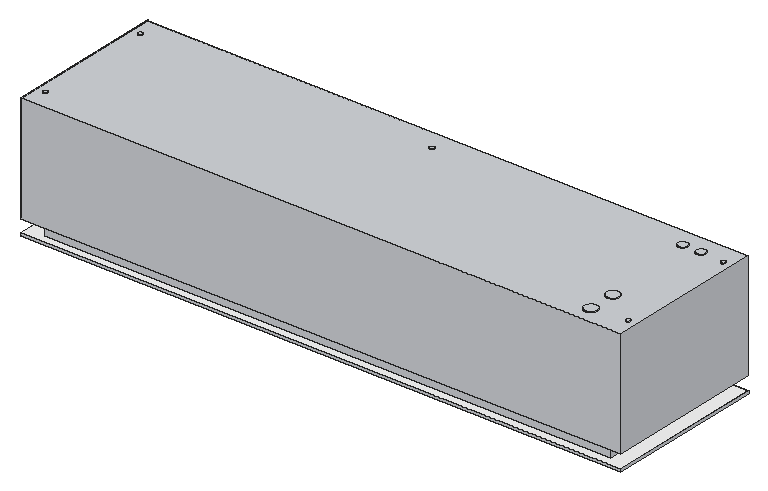
Revit family "PHV1500R P2", category Mechanical Equipment, host Ceiling, Revit 2015
Parameters (values of type "PHV1500WR P2 82/71")
  width WH = 121 mm
  width 2 WH = 76 mm
  width = 436 mm
  length = 1650 mm
  fixing top = 25 mm
  fixing bottom = 55 mm
  fixing = 12 mm
  edge flange 2 = 23 mm
  edge flange 1 = 47.5 mm
  edge 2 = 50 mm
  drop = 14 mm
  cut width = 48.2 mm
  cut out edge = 35.28 mm
  cut length = 24.2 mm
  center y = width / 2  # 218 mm
  center x = length / 2  # 825 mm
  Width b hole to edge = 46 mm
  Weight = "73"
  W H = 35 mm
  URL = "www.thermoscreens.com"
  Supply (50hz) = "230V~1P&N"
  Product URL = ""
  Noise level dB (A) @3m Med = "57"
  Noise level dB (A) @3m Low = "53"
  Noise level dB (A) @3m High = "60"
  Model = "PHV1500WR P2 82/71"
  Max. Velocity (m/s) = "10.5"
  Max Air Volume (m3/H) = "3500"
  Manufacturer = "Thermoscreens"
  Loading (A) per phase = "1.8"
  Heat output (kW) = "18"
  E edge 2 = 50 mm
  E H gap = 50 mm
  E 1 to edge = 90 mm
  Description = "Thermoscreens PHV recessed range air curtains offer a wide range of heating and mounting options and provide climate separation for entrances up to 3.75m in height. The air curtains are suitable for applications such as hotels, airports, and commercial buildings. The  air curtains are available in standard widths of 1, 1.5 and 2m.  Models available are ambient (without heating), electrical or water heated versions. \r\n\r\nWater heated (LPHW) versions are available with 2 row coils for water inlet temperatures of 70°C or above. In addition, recessed units are also available with 3 row coils for lower water temperatures. Motorised three port valves are supplied as standard with all LPHW models.\r\n\r\nElectrical and LPHW models are supplied complete with Ecopower control."
  Created by = "Daniel Smith"
  Boundary box width = 500 mm
  Boundary box = no
  B = 800 mm
  Air flow = no
Types (4, lengths in mm): name | Weight | Supply (50hz) | Model | Max. Velocity (m/s) | Max Air Volume (m3/H) | Loading (A) per phase | Heat output (kW)
  PHV1500AR P2 | "47" | "230V~1P&N" | "PHV1500AR P2" | "11.5" | "3840" | "1.8" | "-"
  PHV1500ER P2 | "71" | "400V~3P&N" | "PHV1500ER P2" | "11.5" | "3840" | "27.9" | "9/18"
  PHV1500WR P2 82/71 | "73" | "230V~1P&N" | "PHV1500WR P2 82/71" | "10.5" | "3500" | "1.8" | "18"
  PHV1500WR P2 60/40 | "73" | "230V~1P&N" | "PHV1500WR P2 60/40" | "10" | "3500" | "1.8" | "18"
Reference planes
  plane 1 "Center (Front/Back)": y = 0
  plane 2: z = 0
  plane 3 "Center (Left/Right)": x = 0
  plane 4 "Ceiling": z = 0
  plane 5: y = 218
  plane 6: y = -218
  plane 7: x = -825
  plane 8: x = 825
  plane 9: x = -777.5
  plane 10: x = 777.5
  plane 11: y = -195
  plane 12: y = 195
  plane 13: z = -14
Forms (mm)
  Extrusion 1, solid
    sketch origin (0, 0, -7) x (0, 1, 0) y (-1, 0, 0)
      loop
        line (218, 825) -> (-218, 825) -> (-218, -825) -> (218, -825) -> (218, 825)
    from 0 to 7
  Extrusion 2, solid
    sketch origin (0, 0, 0) x (0, 1, 0) y (-1, 0, 0)
      loop
        line (195, 777.5) -> (-195, 777.5) -> (-195, -777.5) -> (195, -777.5) -> (195, 777.5)
    from 0 to 36
  Extrusion 3, solid
    sketch origin (0, 0, 36) x (0, 1, 0) y (-1, 0, 0)
      loop
        line (218, 825) -> (-218, 825) -> (-218, -825) -> (218, -825) -> (218, 825)
    from 0 to 1.2
  Extrusion 4, solid
    sketch origin (825, -218, 36) x (-1, 0, 0) y (0, 0, -1)
      loop
        line (1650, 0) -> (0, 0) -> (0, -296) -> (1650, -296) -> (1650, 0)
    from 0 to -1.2
  Extrusion 5, solid
    sketch origin (825, -218, 332) x (0, 0, -1) y (0, 1, 0)
      loop
        line (0, 0) -> (296, 0) -> (296, 436) -> (0, 436) -> (0, 0)
    from 0 to -1.2
  Extrusion 6, solid
    sketch origin (825, 218, 332) x (0, 0, -1) y (-1, 0, 0)
      loop
        line (0, 0) -> (296, 0) -> (296, 1650) -> (0, 1650) -> (0, 0)
    from 0 to -1.2
  Extrusion 7, solid
    sketch origin (-825, -218, 36) x (0, 1, 0) y (0, 0, -1)
      loop
        line (436, 0) -> (0, 0) -> (0, -296) -> (436, -296) -> (436, 0)
    from 0 to -1.2
  Extrusion 8, solid
    sketch origin (-825, -218, 332) x (1, 0, 0) y (0, 1, 0)
      loop
        line (0, 0) -> (1650, 0) -> (1650, 436) -> (0, 436) -> (0, 0)
    from 0 to -1.2
  Extrusion 9, solid
    sketch origin (-825, -218, 332) x (1, 0, 0) y (0, 1, 0)
      loop
        circle (1529, 46) r 17.5
      loop
        circle (1529, 122) r 17.5
    from 0 to -1.2
  Extrusion 10, solid
    sketch origin (-825, -218, 332) x (1, 0, 0) y (0, 1, 0)
      loop
        circle (1560, 386) r 12.5
      loop
        circle (1510, 386) r 12.5
    from 0 to -1.2
  Extrusion 11, solid
    sketch origin (-825, -218, 332) x (1, 0, 0) y (0, 1, 0)
      loop
        circle (1625, 381) r 6
      loop
        circle (1625, 55) r 6
      loop
        circle (25, 381) r 6
      loop
        circle (25, 55) r 6
      loop
        circle (825, 381) r 6
    from 0 to -1.2
  Extrusion 12, void
    sketch origin (0, 0, -7) x (0, 1, 0) y (-1, 0, 0)
      loop
        line (-176.8, -790) -> (-151.8, -790) -> (-151.8, 790) -> (-176.8, 790) -> (-176.8, -790)
      loop
        line (-141.8, -790) -> (-116.8, -790) -> (-116.8, 790) -> (-141.8, 790) -> (-141.8, -790)
      loop
        line (-106.8, -790) -> (-81.8, -790) -> (-81.8, 790) -> (-106.8, 790) -> (-106.8, -790)
      loop
        line (-61.8, 790) -> (-61.8, -790) -> (-56.8, -790) -> (-56.8, 790) -> (-61.8, 790)
      loop
        line (-51.8, 790) -> (-51.8, -790) -> (-46.8, -790) -> (-46.8, 790) -> (-51.8, 790)
      loop
        line (-41.8, 790) -> (-41.8, -790) -> (-36.8, -790) -> (-36.8, 790) -> (-41.8, 790)
      loop
        line (-31.8, 790) -> (-31.8, -790) -> (-26.8, -790) -> (-26.8, 790) -> (-31.8, 790)
      loop
        line (-21.8, 790) -> (-21.8, -790) -> (-16.8, -790) -> (-16.8, 790) -> (-21.8, 790)
      loop
        line (-11.8, 790) -> (-11.8, -790) -> (-6.8, -790) -> (-6.8, 790) -> (-11.8, 790)
      loop
        line (-1.8, 790) -> (-1.8, -790) -> (3.2, -790) -> (3.2, 790) -> (-1.8, 790)
      loop
        line (8.2, 790) -> (8.2, -790) -> (13.2, -790) -> (13.2, 790) -> (8.2, 790)
      loop
        line (18.2, 790) -> (18.2, -790) -> (23.2, -790) -> (23.2, 790) -> (18.2, 790)
      loop
        line (28.2, 790) -> (28.2, -790) -> (33.2, -790) -> (33.2, 790) -> (28.2, 790)
      loop
        line (38.2, 790) -> (38.2, -790) -> (43.2, -790) -> (43.2, 790) -> (38.2, 790)
      loop
        line (48.2, 790) -> (48.2, -790) -> (53.2, -790) -> (53.2, 790) -> (48.2, 790)
      loop
        line (58.2, 790) -> (58.2, -790) -> (63.2, -790) -> (63.2, 790) -> (58.2, 790)
      loop
        line (68.2, 790) -> (68.2, -790) -> (73.2, -790) -> (73.2, 790) -> (68.2, 790)
      loop
        line (78.2, 790) -> (78.2, -790) -> (83.2, -790) -> (83.2, 790) -> (78.2, 790)
      loop
        line (88.2, 790) -> (88.2, -790) -> (93.2, -790) -> (93.2, 790) -> (88.2, 790)
      loop
        line (98.2, 790) -> (98.2, -790) -> (103.2, -790) -> (103.2, 790) -> (98.2, 790)
      loop
        line (108.2, 790) -> (108.2, -790) -> (113.2, -790) -> (113.2, 790) -> (108.2, 790)
      loop
        line (118.2, 790) -> (118.2, -790) -> (123.2, -790) -> (123.2, 790) -> (118.2, 790)
      loop
        line (128.2, 790) -> (128.2, -790) -> (133.2, -790) -> (133.2, 790) -> (128.2, 790)
      loop
        line (138.2, 790) -> (138.2, -790) -> (143.2, -790) -> (143.2, 790) -> (138.2, 790)
      loop
        line (148.2, 790) -> (148.2, -790) -> (153.2, -790) -> (153.2, 790) -> (148.2, 790)
      loop
        line (158.2, 790) -> (158.2, -790) -> (163.2, -790) -> (163.2, 790) -> (158.2, 790)
      loop
        line (168.2, 790) -> (168.2, -790) -> (173.2, -790) -> (173.2, 790) -> (168.2, 790)
    from 0 to 5
  Extrusion 13, solid, material "Default", visible <- "Boundary box", detail levels fine
    sketch origin (-825, -218, 332) x (1, 0, 0) y (0, 1, 0)
      loop
        line (-500, 936) -> (-500, 0) -> (1.2, 0) -> (1.2, 436) -> (1650, 436) -> (1650, 0) -> (2150, 0) -> (2150, 936) -> (-500, 936)
    from 0 to -339
  Extrusion 14, solid, material "Default Roof"
    sketch origin (0, 0, -7) x (-1, 0, 0) y (0, 1, 0)
      loop
        line (823.8, -218) -> (823.8, 218) -> (-823.8, 218) -> (-823.8, -218) -> (823.8, -218)
    from -7 to -1.2
  Extrusion 15, solid, material "Default", visible <- "Air flow", detail levels fine
    sketch origin (0, 0, -7) x (-1, 0, 0) y (0, 1, 0)
      loop
        line (825, 218) -> (-823.8, 218) -> (-823.8, -218) -> (825, -218) -> (825, 218)
    from 0 to 3000
Cuts and joins
  Extrusion 12 cuts Extrusion 1
  joined: Extrusion 3, Extrusion 4, Extrusion 5, Extrusion 6, Extrusion 7, Extrusion 8
Dimensions and locks
  equal spacing: host sketch curve, plane 3 "Center (Left/Right)", host sketch curve
  equal spacing: host sketch curve, plane 1 "Center (Front/Back)", host sketch curve
  host sketch curve to host sketch curve = 4000 mm  (x2)
  locked: plane 4 "Ceiling" to host ceiling at 0
  "length": plane 7 to plane 8
  "width": plane 5 to plane 6
  "center y": plane 5 to plane 1 "Center (Front/Back)"
  "center x": plane 3 "Center (Left/Right)" to plane 8
  "edge flange 1": plane 7 to plane 9
  "edge flange 1": plane 10 to plane 8
  "edge flange 2": plane 6 to plane 11
  "edge flange 2": plane 5 to plane 12
  "Width b hole to edge": Extrusion 8 to Extrusion 9 sketch curve
  "width 2 WH": Extrusion 9 sketch curve to Extrusion 9 sketch curve
  "width WH": Extrusion 9 sketch curve to Extrusion 8  (x2)
  "E H gap": Extrusion 10 sketch curve to Extrusion 10 sketch curve
  "E 1 to edge": Extrusion 10 sketch curve to Extrusion 8
  "E edge 2": Extrusion 8 to Extrusion 10 sketch curve  (x2)
  "fixing top": Extrusion 11 sketch curve to Extrusion 8  (x2)
  "fixing bottom": Extrusion 8 to Extrusion 11 sketch curve  (x5)
  "fixing top": Extrusion 8 to Extrusion 11 sketch curve  (x2)
  "B": Extrusion 11 sketch curve to Extrusion 11 sketch curve
  "drop": level to plane 13
  "Boundary box width": Extrusion 13 sketch curve to Extrusion 8  (x2)
  "Boundary box width": Extrusion 8 to Extrusion 13 sketch curve
  "W H": diameter of Extrusion 9 sketch curve  (x2)
  "fixing": diameter of Extrusion 11 sketch curve  (x5)
  aligned and locked: Extrusion 15 to cut or joined group of Extrusion 1, Extrusion 12
Automatic sketch dimensions
  Extrusion 1 sketch curve to plane 6 = 0 mm
  Extrusion 1 sketch curve to plane 5 = 0 mm
  Extrusion 1 sketch curve to plane 8 = 0 mm
  Extrusion 1 sketch curve to plane 7 = 0 mm
  Extrusion 2 sketch curve to Extrusion 1 = 23 mm  (x2)
  Extrusion 2 sketch curve to Extrusion 1 = 47.5 mm  (x2)
  Extrusion 2 to Extrusion 3 sketch curve = 23 mm  (x2)
  Extrusion 2 to Extrusion 3 sketch curve = 47.5 mm  (x2)
  Extrusion 4 sketch curve to Extrusion 3 = 0 mm  (x3)
  Extrusion 4 sketch curve to Extrusion 3 = 294.8 mm
  Extrusion 4 to Extrusion 5 sketch curve = 0 mm  (x2)
  Extrusion 5 sketch curve to Extrusion 4 = 0 mm
  Extrusion 5 sketch curve to Extrusion 4 = 434.8 mm
  Extrusion 6 sketch curve to Extrusion 5 = 0 mm  (x3)
  Extrusion 6 sketch curve to Extrusion 5 = 1648.8 mm
  Extrusion 7 sketch curve to Extrusion 3 = 0 mm  (x3)
  Extrusion 7 sketch curve to Extrusion 3 = 294.8 mm
  Extrusion 8 sketch curve to Extrusion 4 = 0 mm  (x3)
  Extrusion 8 sketch curve to Extrusion 4 = 434.8 mm
  Extrusion 12 sketch curve to Extrusion 12 sketch curve = 5 mm  (x47)
  Extrusion 12 sketch curve to Extrusion 12 sketch curve = 20 mm
  Extrusion 12 sketch curve to Extrusion 12 sketch curve = 25 mm  (x3)
  Extrusion 12 sketch curve to Extrusion 12 sketch curve = 10 mm  (x2)
  Extrusion 1 to Extrusion 12 sketch curve = 35 mm  (x4)
  Extrusion 12 sketch curve to Extrusion 12 sketch curve = 0 mm  (x50)
  Extrusion 1 to Extrusion 12 sketch curve = 41.2 mm
  Extrusion 14 sketch curve to Extrusion 1 = 0 mm
  Extrusion 1 to Extrusion 14 sketch curve = 0 mm
  Extrusion 1 to Extrusion 14 sketch curve = 1.2 mm  (x2)
  Extrusion 1 to Extrusion 15 sketch curve = 0 mm
  Extrusion 15 sketch curve to Extrusion 1 = 0 mm  (x2)
  Extrusion 1 to Extrusion 15 sketch curve = 1.2 mm
  Extrusion 13 sketch curve to Extrusion 8 = 0 mm  (x2)
  Extrusion 8 to Extrusion 13 sketch curve = 0 mm  (x2)
  Extrusion 13 sketch curve to Extrusion 8 = 1.2 mm
  radius of Extrusion 10 sketch curve = 12.5 mm  (x2)
Connectors
  piping at (-800, 163, 332), diameter 12
    settings: on Extrusion 11, index 1, connector inside diameter 609.6 mm, connector length 0 mm, flow factor 0, pipe flow 0.0 L/s, pressure drop 0.0 Pa, fitting loss kfactor 0, connector angle 0.00°, fixture units 0, engagement length 0 mm, angle of deflection 0.00°, flow configuration 0, flow direction 0, fitting loss method 0, system type 28, joint type 0, gender type 0, connector reference index -1, connector utility 0, adjustable connector no, is connector primary yes, connector description ""
  piping at (-800, -163, 332), diameter 12
    settings: on Extrusion 11, index 2, connector inside diameter 609.6 mm, connector length 0 mm, flow factor 0, pipe flow 0.0 L/s, pressure drop 0.0 Pa, fitting loss kfactor 0, connector angle 0.00°, fixture units 0, engagement length 0 mm, angle of deflection 0.00°, flow configuration 0, flow direction 0, fitting loss method 0, system type 28, joint type 0, gender type 0, connector reference index -1, connector utility 0, adjustable connector no, is connector primary no, connector description ""
  piping at (0, 163, 332), diameter 12
    settings: on Extrusion 11, index 3, connector inside diameter 609.6 mm, connector length 0 mm, flow factor 0, pipe flow 0.0 L/s, pressure drop 0.0 Pa, fitting loss kfactor 0, connector angle 0.00°, fixture units 0, engagement length 0 mm, angle of deflection 0.00°, flow configuration 0, flow direction 0, fitting loss method 0, system type 28, joint type 0, gender type 0, connector reference index -1, connector utility 0, adjustable connector no, is connector primary no, connector description ""
  piping at (800, 163, 332), diameter 12
    settings: on Extrusion 11, index 4, connector inside diameter 609.6 mm, connector length 0 mm, flow factor 0, pipe flow 0.0 L/s, pressure drop 0.0 Pa, fitting loss kfactor 0, connector angle 0.00°, fixture units 0, engagement length 0 mm, angle of deflection 0.00°, flow configuration 0, flow direction 0, fitting loss method 0, system type 28, joint type 0, gender type 0, connector reference index -1, connector utility 0, adjustable connector no, is connector primary no, connector description ""
  piping at (800, -163, 332), diameter 12
    settings: on Extrusion 11, index 5, connector inside diameter 609.6 mm, connector length 0 mm, flow factor 0, pipe flow 0.0 L/s, pressure drop 0.0 Pa, fitting loss kfactor 0, connector angle 0.00°, fixture units 0, engagement length 0 mm, angle of deflection 0.00°, flow configuration 0, flow direction 0, fitting loss method 0, system type 28, joint type 0, gender type 0, connector reference index -1, connector utility 0, adjustable connector no, is connector primary no, connector description ""
  piping at (704, -96, 332), diameter 35
    settings: on Extrusion 9, index 6, connector inside diameter 609.6 mm, connector length 0 mm, flow factor 0, pipe flow 0.0 L/s, pressure drop 0.0 Pa, fitting loss kfactor 0, connector angle 0.00°, fixture units 0, engagement length 0 mm, angle of deflection 0.00°, flow configuration 0, flow direction 1, fitting loss method 4, system type 19, joint type 0, gender type 0, connector reference index -1, connector utility 0, adjustable connector no, is connector primary no, connector description ""
  piping at (704, -172, 330.8), diameter 35
    settings: on Extrusion 9, index 7, connector inside diameter 609.6 mm, connector length 0 mm, flow factor 0, pipe flow 0.0 L/s, pressure drop 0.0 Pa, fitting loss kfactor 0, connector angle 0.00°, fixture units 0, engagement length 0 mm, angle of deflection 0.00°, flow configuration 0, flow direction 2, fitting loss method 4, system type 19, joint type 0, gender type 0, connector reference index -1, connector utility 0, adjustable connector no, is connector primary no, connector description ""
